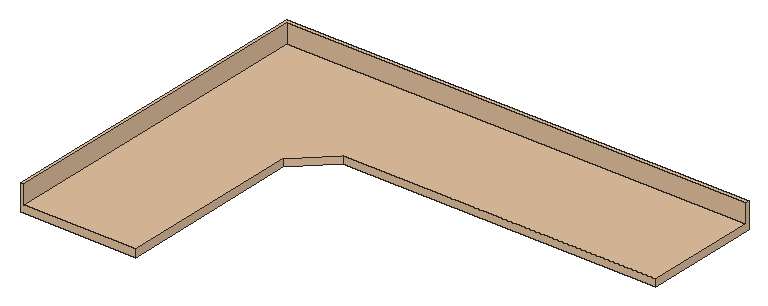
Revit family "Counter Top-L Shaped 2 (NZ)", category 케이스워크, Revit 2026
Family settings
  작업 기준면 기반 = 아니오
  항상 수직 = 예
  로드될 때 보이드를 사용하여 절단 = 아니오
  공유 = 예
  룸 계산 점 = 아니오
Parameters (values of type "600mm Depth")
  기본 높이 = 0 mm
  Counter Thickness = 40 mm
  Counter Top Material = none
  깊이 = 625 mm
  Height [instance] = 900 mm
  Length - Leg 1 [instance] = 2500 mm
  Length - Leg 2 [instance] = 1800 mm
  Assembly Code = ""
Reference planes
  plane 1 "Back": y = 0
  plane 2: z = 0
  plane 3 "Left": x = -1200.462
  plane 4 "Right": x = 1299.538
  plane 5 "Front": y = -625
  plane 6 "Top": z = 900
  plane 7: z = 860
  plane 8: y = -19.05
  plane 9: z = 1001.6
  plane 10: x = -575.462
  plane 11: y = -1800
  plane 12: x = -1181.412
  plane 13: x = -397.662
  plane 14: y = -802.8
Forms (mm)
  Extrusion 1, solid, material <- "Counter Top Material"
    sketch origin (0, 0, 0) x (1, 0, 0) y (0, 1, 0)
      loop
        line (-1200.462, 0) -> (-1200.462, -1800) -> (-575.462, -1800) -> (-575.462, -802.8) -> (-397.662, -625) -> (1299.538, -625) -> (1299.538, 0) -> (-1200.462, 0)
    from 860 to 900
  Extrusion 2, solid, material <- "Counter Top Material"
    sketch origin (0, 0, 0) x (1, 0, 0) y (0, 1, 0)
      loop
        line (1299.538, 0) -> (-1200.462, 0) -> (-1200.462, -19.05) -> (1299.538, -19.05) -> (1299.538, 0)
    from 900 to 1001.6
  Extrusion 3, solid, material <- "Counter Top Material"
    sketch origin (0, 0, 0) x (1, 0, 0) y (0, 1, 0)
      loop
        line (-1200.462, -19.05) -> (-1200.462, -1800) -> (-1181.412, -1800) -> (-1181.412, -19.05) -> (-1200.462, -19.05)
    from 900 to 1001.6
Cuts and joins
  joined: Extrusion 1, Extrusion 2, Extrusion 3
Lines and regions (mm)
  Masking region 1
    outline origin (0, 0, 0) x (1, 0, 0) y (0, 1, 0)
      loop
        line (-1200.462, -1800) -> (-575.462, -1800) -> (-575.462, -802.8) -> (-397.662, -625) -> (1299.538, -625) -> (1299.538, 0) -> (-1200.462, 0) -> (-1200.462, -1800)
  symbolic lines, style "Counter Top"
    curve 1: line (-1181.412, -19.05, 0) -> (1299.538, -19.05, 0)
    curve 2: line (-1181.412, -1800, 0) -> (-1181.412, -19.05, 0)
Dimensions and locks
  "깊이": plane 5 "Front" to plane 1 "Back"
  "Length - Leg 1": plane 3 "Left" to plane 4 "Right"
  "Height": level to plane 6 "Top"
  "Counter Thickness": plane 7 to plane 6 "Top"
  locked: plane 8 to plane 1 "Back" at 19.05
  plane 6 "Top" to plane 9 = 101.6 mm
  "깊이": plane 3 "Left" to plane 10
  "Length - Leg 2": plane 11 to plane 1 "Back"
  locked: plane 3 "Left" to plane 12 at 19.05
  locked: plane 14 to plane 5 "Front" at 177.8
  locked: plane 10 to plane 13 at 177.8
  aligned and locked: Extrusion 1 sketch curve to plane 1 "Back"
  aligned and locked: plane 4 "Right" to Extrusion 1 sketch curve
  aligned and locked: Extrusion 1 sketch curve to plane 5 "Front"
  aligned and locked: Extrusion 1 sketch curve to plane 3 "Left"
  aligned and locked: Extrusion 1 to plane 6 "Top"
  aligned and locked: Extrusion 1 to plane 7
  aligned and locked: plane 1 "Back" to Extrusion 2 sketch curve
  aligned and locked: plane 8 to Extrusion 2 sketch curve
  aligned and locked: Extrusion 2 sketch curve to plane 4 "Right"
  aligned and locked: plane 3 "Left" to Extrusion 2 sketch curve
  aligned and locked: Extrusion 2 to plane 9
  aligned and locked: plane 6 "Top" to Extrusion 2
  aligned and locked: plane 10 to Extrusion 1 sketch curve
  aligned and locked: plane 11 to Extrusion 1 sketch curve
  aligned and locked: plane 12 to Extrusion 3 sketch curve
  aligned and locked: Extrusion 3 to plane 8
  aligned and locked: plane 3 "Left" to Extrusion 3
  aligned and locked: Extrusion 3 to plane 9
  aligned and locked: plane 6 "Top" to Extrusion 3
Automatic sketch dimensions
  plane 3 "Left" to Extrusion 3 sketch curve = 0 mm
  plane 11 to Extrusion 3 sketch curve = 0 mm
  plane 1 "Back" to Extrusion 3 sketch curve = 19.05 mm
  Extrusion 1 sketch curve to plane 13 = 0 mm
  Extrusion 1 sketch curve to plane 14 = 0 mm
  curve 2 to plane 8 = 0 mm
  curve 2 to plane 11 = 0 mm
  curve 1 to plane 4 "Right" = 0 mm
  curve 1 to plane 3 "Left" = 19.05 mm
  Masking region 1 sketch curve to plane 3 "Left" = 0 mm
  Masking region 1 sketch curve to plane 14 = 0 mm
  Masking region 1 sketch curve to plane 10 = 0 mm
  Masking region 1 sketch curve to plane 5 "Front" = 0 mm
  Masking region 1 sketch curve to plane 13 = 0 mm
  Masking region 1 sketch curve to plane 4 "Right" = 0 mm
  Masking region 1 sketch curve to plane 1 "Back" = 0 mm
  Masking region 1 sketch curve to plane 11 = 0 mm
